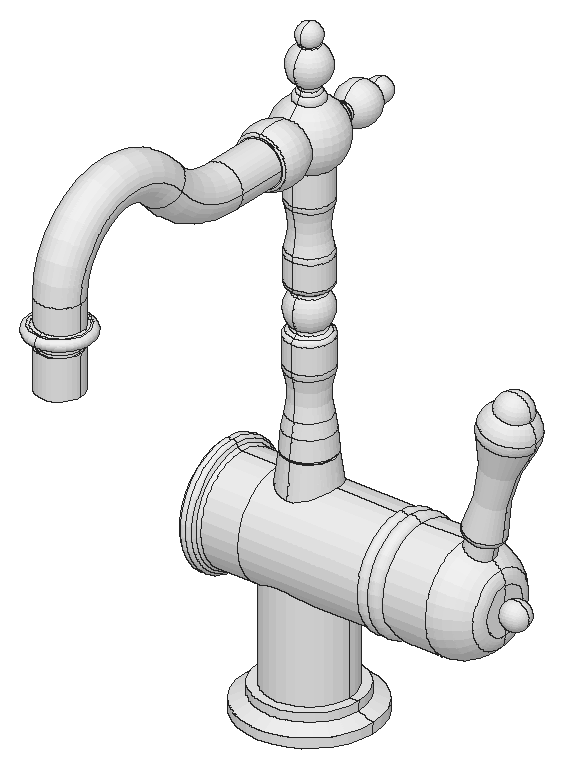
Revit family "Faucet_Bar-DXV-Victorian-D35402400_Series", category Plumbing Fixtures, Revit 2014
Parameters (values of type "D35402400.100")
  Width = 4 3/8"  # constant formula
  Waste Connection = no
  Warranty Documentation Link = "https://www.dxv.com/-/media/files/dxv/warranty/dxv_warranty_booklet.ashx"
  WFU = 2  # constant formula
  Vent Connection = no
  URL = "http://www.dxv.com/"
  Tempered Water Connection Diameter = 3/8"  # constant formula
  Tempered Water Connection = yes
  Revised Date = "27/09/2017"  # constant formula
  Product Page URL = "https://www.dxv.com/product/victorian-bar-faucet-by-dxv"
  Product Documentation Link = "https://dxv01.blob.core.windows.net/dxv-product-pdf-files/spec_D35402400_DXV_Victorian_bar_faucet_EN.pdf"
  Price = "Prices may vary. Please consult Manufacturer Representative for most up-to-date price list."  # constant formula
  Model = "D35402400.100"
  Material = "Metal-DXV-100-Polished Chrome"
  Manufacturer = "DXV"  # constant formula
  Length = 8 7/8"  # constant formula
  Installation Type = "Deck Mounted"  # constant formula
  Hot Water Connection Diameter = 3/8"  # constant formula
  Height = 12"  # constant formula
  HWFU = 1.5  # constant formula
  HW Connection = yes
  Flow Rate = "1.8 GPM (8.3L/min)"  # constant formula
  Finish = Metal-DXV-100-Polished Chrome
  Description = "Victorian™ Bar Faucet"  # constant formula
  Default Elevation = 0"
  Creation Date = "07/02/2014"  # constant formula
  Cold Water Connection Diameter = 3/8"  # constant formula
  CalGreen Compliant = yes
  CWFU = 1.5  # constant formula
  CW Connection = yes
  Assembly Code = "D2020300"
Types (4): name | Model | Material | Finish
  (no name) | "D35402400.100" | "Metal-DXV-100-Polished Chrome" | Metal-DXV-100-Polished Chrome
  D35402400.110 | "D35402400.110" | "Metal-DXV-110-Carbon Bronze" | Metal-DXV-110-Carbon Bronze
  D35402400.100 | "D35402400.100" | "Metal-DXV-100-Polished Chrome" | Metal-DXV-100-Polished Chrome
  D35402400.355 | "D35402400.355" | "Metal-DXV-355-Ultra Steel" | Metal-DXV-355-Ultra Steel
Reference planes (in)
  plane 1 "Center (Front/Back)": y = 0
  plane 2: z = 0
  plane 3 "Center (Left/Right)": x = 0
  plane 4: x = 3.875
  plane 5: y = -8.875
  plane 6: z = 2.75
  plane 7: z = 12
  plane 8: z = 8.625
  plane 9: y = 1.75
  plane 10: y = -1.125
  plane 11: y = 1.125
  plane 12: x = 1.125
  plane 13: x = -1.125
  plane 14: x = -2
  plane 15: x = 10
  plane 16: x = 10.875
  plane 17: x = 9.125
  plane 18: z = 5.25
  plane 19: through (0, -1.42705, 4.29647) normal (0, -0.2335, 0.9724)
  plane 20: z = 10.24995
  plane 21: z = 10.24995
  plane 22: y = -5.5
  plane 23: z = 7.46875
  plane 24: z = 9.0937
  plane 25: z = 7.25292
Forms (in)
  Revolve 1, solid, material "Metal-DXV-100-Polished Chrome" <- "Finish"
    sketch origin (0, 0, 1.2278) x (0, 1, 0) y (0, 0, 1)
      loop
        line (0, 2.04639) -> (0, 9.61596)
        arc (0, 9.61596) -> (-0.1791, 9.50066) -> (-0.14829, 9.2899) r 0.19675
        arc (-0.14829, 9.2899) -> (-0.14362, 9.27261) -> (-0.15437, 9.25829) r 0.02043
        arc (-0.15437, 9.25829) -> (-0.34209, 8.95154) -> (-0.1549, 8.64447) r 0.34497
        line (-0.1549, 8.64447) -> (-0.1549, 8.58796)
        arc (-0.1549, 8.58796) -> (-0.18173, 8.56795) -> (-0.19136, 8.5359) r 0.05334
        arc (-0.19136, 8.5359) -> (-0.23722, 8.48042) -> (-0.24279, 8.40866) r 0.11921
        arc (-0.24279, 8.40866) -> (-0.5899, 7.94062) -> (-0.37047, 7.40081) r 0.59457
        line (-0.37047, 7.40081) -> (-0.37047, 6.86731)
        arc (-0.37047, 6.86731) -> (-0.36675, 6.82096) -> (-0.3557, 6.7758) r 0.29074
        arc (-0.3557, 6.7758) -> (-0.29848, 6.42118) -> (-0.35584, 6.06659) r 1.12602
        arc (-0.35584, 6.06659) -> (-0.36687, 6.02162) -> (-0.37058, 5.97548) r 0.28914
        line (-0.37058, 5.97548) -> (-0.37058, 5.54873)
        arc (-0.37058, 5.54873) -> (-0.35974, 5.50806) -> (-0.3301, 5.47818) r 0.08173
        arc (-0.3301, 5.47818) -> (-0.30077, 5.4593) -> (-0.27316, 5.43798) r 0.40744
        arc (-0.27316, 5.43798) -> (-0.25795, 5.40751) -> (-0.26969, 5.37555) r 0.04297
        arc (-0.26969, 5.37555) -> (-0.37263, 5.1208) -> (-0.27421, 4.86426) r 0.37491
        arc (-0.27421, 4.86426) -> (-0.26332, 4.83454) -> (-0.2765, 4.80577) r 0.04159
        arc (-0.2765, 4.80577) -> (-0.30564, 4.78201) -> (-0.33769, 4.76237) r 0.28053
        arc (-0.33769, 4.76237) -> (-0.37235, 4.72977) -> (-0.38513, 4.68394) r 0.08855
        line (-0.38513, 4.68394) -> (-0.38513, 4.23591)
        arc (-0.38513, 4.23591) -> (-0.38102, 4.18685) -> (-0.3688, 4.13916) r 0.29469
        arc (-0.3688, 4.13916) -> (-0.30624, 3.80098) -> (-0.34749, 3.45954) r 1.13877
        arc (-0.34749, 3.45954) -> (-0.3754, 3.33761) -> (-0.39178, 3.21359) r 1.33554
        arc (-0.39178, 3.21359) -> (-0.40649, 3.0487) -> (-0.42271, 2.88394) r 18.13575
        line (-0.42271, 2.88394) -> (-0.3899, 2.88394) -> (-0.3899, 2.85011) -> (-0.42623, 2.85011)
        arc (-0.42623, 2.85011) -> (-0.47302, 2.44768) -> (-0.52878, 2.04639) r 18.13575
        line (-0.52878, 2.04639) -> (0, 2.04639)
      axis (0, 2.04639) -> (0, 9.61596)
    angle from 0 to 360
  Revolve 2, solid, material "Metal-DXV-100-Polished Chrome" <- "Finish"
    sketch origin (0, 0, 0) x (1, 0, 0) y (0, 0, 1)
      loop
        line (1.97793, 2.75) -> (-2, 2.75)
        arc (-2, 2.75) -> (-1.89112, 2.55616) -> (-1.66881, 2.55879) r 0.21788
        line (-1.66881, 2.55879) -> (-1.66881, 2.36331)
        arc (-1.66881, 2.36331) -> (-1.63372, 2.07745) -> (-1.5305, 1.80857) r 1.18163
        arc (-1.5305, 1.80857) -> (-1.51393, 1.79285) -> (-1.49124, 1.79026) r 0.03599
        arc (-1.49124, 1.79026) -> (-1.48331, 1.77066) -> (-1.47339, 1.75199) r 0.20307
        arc (-1.47339, 1.75199) -> (-1.43283, 1.7241) -> (-1.38517, 1.73644) r 0.05932
        arc (-1.38517, 1.73644) -> (-1.32981, 1.72932) -> (-1.28789, 1.76618) r 0.06776
        arc (-1.28789, 1.76618) -> (-1.27607, 1.79082) -> (-1.26317, 1.81492) r 0.61828
        arc (-1.26317, 1.81492) -> (-1.23514, 1.84338) -> (-1.19659, 1.85382) r 0.07645
        line (-1.19659, 1.85382) -> (-0.54268, 1.85382) -> (1.56177, 1.85382)
        arc (1.56177, 1.85382) -> (1.64911, 1.80669) -> (1.73645, 1.85382) r 0.10449
        arc (1.73645, 1.85382) -> (1.87695, 1.81241) -> (1.97793, 1.91852) r 0.14048
        line (1.97793, 1.91852) -> (1.97793, 2.75)
      loop
        line (3.45155, 2.35474) -> (3.45155, 2.62054)
        arc (3.45155, 2.62054) -> (3.71117, 2.5286) -> (3.875, 2.75) r 0.23151
        line (3.875, 2.75) -> (2.00975, 2.75) -> (2.00975, 1.85382) -> (2.75975, 1.85382)
        arc (2.75975, 1.85382) -> (3.09739, 1.92835) -> (3.37227, 2.13811) r 0.802
        arc (3.37227, 2.13811) -> (3.43111, 2.2394) -> (3.45155, 2.35474) r 0.33559
      axis (3.875, 2.75) -> (-2, 2.75)
    angle from 0 to 360
  Revolve 3, solid, material "Metal-DXV-100-Polished Chrome" <- "Finish"
    sketch origin (0, 0, 0) x (1, 0, 0) y (0, 0, 1)
      loop
        line (2.8725, 3.01446) -> (3.1759, 2.93881)
        arc (3.1759, 2.93881) -> (3.21869, 3.33215) -> (3.28114, 3.72284) r 7.89411
        arc (3.28114, 3.72284) -> (3.32057, 3.74441) -> (3.36295, 3.75936) r 0.27836
        arc (3.36295, 3.75936) -> (3.39794, 3.78227) -> (3.41221, 3.82158) r 0.06618
        arc (3.41221, 3.82158) -> (3.55799, 4.65595) -> (3.9384, 5.41272) r 2.90296
        arc (3.9384, 5.41272) -> (3.97995, 5.49343) -> (3.99816, 5.58236) r 0.33291
        arc (3.99816, 5.58236) -> (3.9763, 5.74248) -> (3.89359, 5.88132) r 0.40513
        arc (3.89359, 5.88132) -> (3.86527, 6.11199) -> (3.67967, 6.25185) r 0.29739
        line (3.67967, 6.25185) -> (2.8725, 3.01446)
      axis (3.67967, 6.25185) -> (2.8725, 3.01446)
    angle from 0 to 360
  Revolve 4, solid, material "Metal-DXV-100-Polished Chrome" <- "Finish"
    sketch origin (-0.207, 0, 0) x (1, 0, 0) y (0, 0, 1)
      loop
        line (0.207, 0) -> (0.207, 2.40143) -> (-0.50344, 2.40143) -> (-0.50344, 0.42053) -> (-0.66678, 0.42053) -> (-0.66678, 0.27326) -> (-0.918, 0.16141) -> (-0.918, 0) -> (0.207, 0)
      axis (0.207, 2.40143) -> (0.207, 0)
    angle from 0 to 360
  Extrusion 5, void
    sketch origin (-0.16065, 0, 0.27407) x (1, 0, 0) y (0, 0, 1)
      loop
        line (2.13858, 2.22466) -> (2.13858, 1.4645) -> (2.5259, 1.4645) -> (2.13858, 2.22466)
    from -1.02205 to 1.02819
  Revolve 6, solid, material "Metal-DXV-100-Polished Chrome" <- "Finish"
    sketch origin (-0.14426, 0, 0.27955) x (1, 0, 0) y (0, 0, 1)
      loop
        line (2.12219, 2.46687) -> (2.12219, 1.81126)
        arc (2.12219, 1.81126) -> (2.58577, 2.00329) -> (2.7778, 2.46687) r 0.6556
        line (2.7778, 2.46687) -> (2.12219, 2.46687)
      axis (2.7778, 2.46687) -> (2.12219, 2.46687)
    angle from 0 to 360
  Extrusion 7, solid, material "Metal-DXV-100-Polished Chrome" <- "Finish"
    sketch origin (0, 0, 0) x (1, 0, 0) y (0, 1, 0)
      loop
        circle (-0.33129, 0) r 0.1875
      loop
        circle (0.33129, 0) r 0.1875
    from -0.0461 to 0.16141
  Revolve 8, solid, material "Metal-DXV-100-Polished Chrome" <- "Finish"
    sketch origin (0, 3.375, 0.07155) x (0, 1, 0) y (0, 0, 1)
      loop
        line (-8.45365, 8.25) -> (-8.41068, 8.25)
        arc (-8.41068, 8.25) -> (-8.3256, 8.33508) -> (-8.41068, 8.42016) r 0.08508
        line (-8.41068, 8.42016) -> (-8.45365, 8.42016)
        arc (-8.45365, 8.42016) -> (-8.49872, 8.43882) -> (-8.51739, 8.48389) r 0.06373
        line (-8.51739, 8.48389) -> (-8.51739, 8.51559) -> (-8.59851, 8.51559) -> (-8.59851, 8.18627) -> (-8.51739, 8.18627)
        arc (-8.51739, 8.18627) -> (-8.49872, 8.23133) -> (-8.45365, 8.25) r 0.06373
      axis (-8.875, 8.51559) -> (-8.875, 8.18627)
    angle from 0 to 360
  Revolve 9, solid, material "Metal-DXV-100-Polished Chrome" <- "Finish"
    sketch origin (0, 0, 0.08327) x (0, 1, 0) y (0, 0, 1)
      loop
        line (1.75, 9.01043) -> (-1.09005, 9.01043) -> (-1.09005, 8.61136)
        arc (-1.09005, 8.61136) -> (-1.08279, 8.58615) -> (-1.06323, 8.56868) r 0.04737
        arc (-1.06323, 8.56868) -> (-0.62986, 8.52667) -> (-0.27239, 8.77523) r 0.63124
        line (-0.27239, 8.77523) -> (0.51706, 8.77523)
        arc (0.51706, 8.77523) -> (0.60237, 8.7663) -> (0.66998, 8.81908) r 0.11462
        arc (0.66998, 8.81908) -> (0.70079, 8.83048) -> (0.72204, 8.85553) r 0.06478
        line (0.72204, 8.85553) -> (0.77856, 8.85553)
        arc (0.77856, 8.85553) -> (1.08558, 8.66666) -> (1.39246, 8.85575) r 0.34377
        arc (1.39246, 8.85575) -> (1.40679, 8.86662) -> (1.42418, 8.86198) r 0.02047
        arc (1.42418, 8.86198) -> (1.63483, 8.8314) -> (1.75, 9.01043) r 0.19673
      axis (-1.09005, 9.01043) -> (1.75, 9.01043)
    angle from 0 to 360
  Sweep 10, solid, material "Metal-DXV-100-Polished Chrome" <- "Finish"
    path origin (0, 1.95893, 0.06374) x (0, 1, 0) y (0, 0, 1)
      loop
        line (-3.04897, 9.02996) -> (-3.89112, 9.02996)
        arc (-3.89112, 9.02996) -> (-4.63883, 9.19774) -> (-5.24317, 9.6689) r 1.75
        arc (-5.24317, 9.6689) -> (-6.63042, 10.05208) -> (-7.45893, 8.87529) r 1.25
        line (-7.45893, 8.87529) -> (-7.45893, 7.40501)
    profile origin (0, -5.5, 8.20389) x (1, 0, 0) y (0, 1, 0)
      loop
        circle (0, 0) r 0.375
  Extrusion 11, void
    sketch origin (0, 3.375, -1.15625) x (1, 0, 0) y (0, 1, 0)
      loop
        circle (0, -8.875) r 0.65344
      loop
        circle (0, -8.875) r 0.35096
    from 9.30479 to 9.36371
Cuts and joins
  Extrusion 5 cuts Revolve 2
  joined: Revolve 1, Revolve 2, Revolve 3, Revolve 4, Revolve 9
  Extrusion 11 cuts Sweep 10
Lines and regions (in)
  Masking region 1
    outline origin (0, 0, 0) x (1, 0, 0) y (0, 1, 0)
      loop
        arc (-0.375, -5.09592) -> (0, -6.05128) -> (0.375, -5.09592) r 0.55128
        line (0.375, -5.09592) -> (0.375, -1.09005)
        arc (0.375, -1.09005) -> (0.42861, -1.08215) -> (0.45165, -1.03311) r 0.05728
        arc (0.45165, -1.03311) -> (0.56913, -0.9677) -> (0.68204, -0.89468) r 2.03454
        line (0.68204, -0.89468) -> (1.56177, -0.89468)
        arc (1.56177, -0.89468) -> (1.64911, -0.9433) -> (1.73645, -0.89468) r 0.10276
        arc (1.73645, -0.89468) -> (1.87666, -0.93749) -> (1.97793, -0.83148) r 0.13972
        line (1.97793, -0.83148) -> (1.97793, -0.65349) -> (2.00975, -0.65349) -> (2.00975, -0.89618) -> (2.75975, -0.89618)
        arc (2.75975, -0.89618) -> (3.16097, -0.78203) -> (3.442, -0.47376) r 0.76217
        arc (3.442, -0.47376) -> (4.02239, -0.00453) -> (3.44478, 0.46812) r 0.48103
        arc (3.44478, 0.46812) -> (3.16364, 0.78037) -> (2.75975, 0.89618) r 0.76217
        line (2.75975, 0.89618) -> (2.00975, 0.89618) -> (2.00975, 0.65349) -> (1.97793, 0.65349) -> (1.97793, 0.83148)
        arc (1.97793, 0.83148) -> (1.87666, 0.93749) -> (1.73645, 0.89468) r 0.13972
        arc (1.73645, 0.89468) -> (1.64911, 0.9433) -> (1.56177, 0.89468) r 0.10276
        line (1.56177, 0.89468) -> (0.68204, 0.89468)
        arc (0.68204, 0.89468) -> (0.52141, 0.99688) -> (0.34584, 1.07052) r 1.125
        arc (0.34584, 1.07052) -> (0.30072, 1.26001) -> (0.16045, 1.39517) r 0.3463
        arc (0.16045, 1.39517) -> (0.1494, 1.4098) -> (0.15372, 1.42761) r 0.02142
        arc (0.15372, 1.42761) -> (-0.00107, 1.75) -> (-0.15377, 1.42768) r 0.19752
        arc (-0.15377, 1.42768) -> (-0.14939, 1.40984) -> (-0.16045, 1.39517) r 0.02142
        arc (-0.16045, 1.39517) -> (-0.30072, 1.26001) -> (-0.34584, 1.07052) r 0.3463
        arc (-0.34584, 1.07052) -> (-0.52141, 0.99688) -> (-0.68204, 0.89468) r 1.125
        line (-0.68204, 0.89468) -> (-1.18665, 0.89468)
        arc (-1.18665, 0.89468) -> (-1.24772, 0.92531) -> (-1.28655, 0.98152) r 0.13769
        arc (-1.28655, 0.98152) -> (-1.32809, 1.02145) -> (-1.38517, 1.01356) r 0.06604
        arc (-1.38517, 1.01356) -> (-1.4533, 1.01639) -> (-1.49124, 0.95974) r 0.0697
        arc (-1.49124, 0.95974) -> (-1.51398, 0.95451) -> (-1.53068, 0.9382) r 0.04317
        arc (-1.53068, 0.9382) -> (-1.63368, 0.68953) -> (-1.66881, 0.42266) r 1.03108
        line (-1.66881, 0.42266) -> (-1.66881, 0.19121)
        arc (-1.66881, 0.19121) -> (-2, 0) -> (-1.66881, -0.19121) r 0.22079
        line (-1.66881, -0.19121) -> (-1.66881, -0.42266)
        arc (-1.66881, -0.42266) -> (-1.63368, -0.68953) -> (-1.53068, -0.9382) r 1.03108
        arc (-1.53068, -0.9382) -> (-1.51398, -0.95451) -> (-1.49124, -0.95974) r 0.04317
        arc (-1.49124, -0.95974) -> (-1.4533, -1.01639) -> (-1.38517, -1.01356) r 0.0697
        arc (-1.38517, -1.01356) -> (-1.32809, -1.02145) -> (-1.28655, -0.98152) r 0.06604
        arc (-1.28655, -0.98152) -> (-1.24772, -0.92531) -> (-1.18665, -0.89468) r 0.13769
        line (-1.18665, -0.89468) -> (-0.68204, -0.89468)
        arc (-0.68204, -0.89468) -> (-0.56913, -0.9677) -> (-0.45165, -1.03311) r 2.03454
        arc (-0.45165, -1.03311) -> (-0.42861, -1.08215) -> (-0.375, -1.09005) r 0.05728
        line (-0.375, -1.09005) -> (-0.375, -5.09592)
  symbolic lines, detail levels medium+fine
    curve 1: arc (-0.45165, -1.03311, 0) -> (-0.50174, -0.73014, 0) -> (-0.3992, -0.44068, 0) r 0.61544
    curve 2: arc (-0.3992, -0.44068, 0) -> (-0.58833, 0.09242, 0) -> (-0.24486, 0.54186, 0) r 0.59348
    curve 3: arc (-0.24486, 0.54186, 0) -> (-0.23844, 0.61441, 0) -> (-0.19135, 0.66998, 0) r 0.12036
    curve 4: arc (-0.19135, 0.66998, 0) -> (-0.18015, 0.70093, 0) -> (-0.1549, 0.72204, 0) r 0.06312
    curve 5: line (-0.1549, 0.72204, 0) -> (-0.1549, 0.77856, 0)
    curve 6: arc (-0.1549, 0.77856, 0) -> (-0.28963, 0.89887, 0) -> (-0.34584, 1.07052, 0) r 0.34772
    curve 7: arc (0.45165, -1.03311, 0) -> (0.50174, -0.73014, 0) -> (0.3992, -0.44068, 0) r 0.61544
    curve 8: arc (0.3992, -0.44068, 0) -> (0.58833, 0.09242, 0) -> (0.24486, 0.54186, 0) r 0.59348
    curve 9: arc (0.24486, 0.54186, 0) -> (0.23844, 0.61441, 0) -> (0.19135, 0.66998, 0) r 0.12036
    curve 10: arc (0.19135, 0.66998, 0) -> (0.18015, 0.70093, 0) -> (0.1549, 0.72204, 0) r 0.06312
    curve 11: line (0.1549, 0.72204, 0) -> (0.1549, 0.77856, 0)
    curve 12: arc (0.1549, 0.77856, 0) -> (0.28963, 0.89887, 0) -> (0.34584, 1.07052, 0) r 0.34772
    curve 13: arc (3.44478, 0.46812, 0) -> (3.29746, 0.4177, 0) -> (3.17663, 0.31948, 0) r 0.44377
    curve 14: arc (3.44478, -0.46812, 0) -> (3.29746, -0.4177, 0) -> (3.17663, -0.31948, 0) r 0.44377
    curve 15: arc (3.17663, 0.31948, 0) -> (2.76586, 0, 0) -> (3.17663, -0.31948, 0) r 0.32963
    curve 16: line (2.00975, 0.65349, 0) -> (2.00975, -0.65349, 0)
    curve 17: line (1.97793, -0.6556, 0) -> (1.97793, 0.65349, 0)
    curve 18: line (-0.68204, 0.89468, 0) -> (-0.28685, 0.89468, 0)
    curve 19: line (0.68204, 0.89468, 0) -> (0.28685, 0.89468, 0)
    curve 20: line (0.68204, -0.89468, 0) -> (0.49418, -0.89468, 0)
    curve 21: line (-0.68204, -0.89468, 0) -> (-0.49418, -0.89468, 0)
  symbolic lines, detail levels fine
    curve 22: line (-1.66881, -0.19121, 0) -> (-1.66881, 0.19121, 0)
    curve 23: line (-1.49124, -0.95974, 0) -> (-1.49124, 0.95974, 0)
    curve 24: line (-1.38517, -1.01356, 0) -> (-1.38517, 1.01356, 0)
    curve 25: line (1.56177, 0.89468, 0) -> (1.56177, -0.89468, 0)
    curve 26: line (1.73645, -0.89618, 0) -> (1.73645, 0.89468, 0)
    curve 27: line (-0.375, -1.09005, 0) -> (0.375, -1.09005, 0)
    curve 28: line (-0.1549, 0.77856, 0) -> (0.1549, 0.77856, 0)
    curve 29: line (-0.1549, 0.72204, 0) -> (0.1549, 0.72204, 0)
    curve 30: line (-0.19135, 0.66998, 0) -> (0.19135, 0.66998, 0)
    curve 31: line (-0.24486, 0.54186, 0) -> (0.24486, 0.54186, 0)
    curve 32: line (-0.3992, -0.44068, 0) -> (0.3992, -0.44068, 0)
    curve 33: circle (0, 0, 0) r 0.24279 normal (0, 0, 1)
    curve 34: circle (0, 0, 0) r 0.1549 normal (0, 0, 1)
    curve 35: circle (0, 0, 0) r 0.37047 normal (0, 0, 1)
    curve 36: circle (3.64524, 0, 0) r 0.23297 normal (0, 0, -1)
    curve 37: circle (3.60146, -0.00229, 0) r 0.29215 normal (0, 0, -1)
    curve 38: arc (3.17663, 0.31948, 0) -> (3.05446, 0, 0) -> (3.17663, -0.31948, 0) r 0.47882
    curve 39: line (-0.375, -5.09592, 0) -> (-0.375, -5.5, 0)
    curve 40: arc (-0.375, -5.5, 0) -> (0, -5.875, 0) -> (0.375, -5.5, 0) r 0.375
    curve 41: line (0.375, -5.5, 0) -> (0.375, -5.09592, 0)
Dimensions and locks (in)
  plane 6 to plane 2 = 2 3/4"
  "Length": plane 1 "Center (Front/Back)" to plane 5
  plane 9 to plane 1 "Center (Front/Back)" = 1 3/4"
  plane 8 to plane 2 = 8 5/8"
  "Height": plane 7 to plane 2
  plane 11 to plane 10 = 2 1/4"
  plane 4 to plane 3 "Center (Left/Right)" = 3 7/8"
  plane 3 "Center (Left/Right)" to plane 14 = 2"
  plane 4 to plane 14 = 5 7/8"
  plane 16 to plane 17 = 1 3/4"
  plane 18 to plane 2 = 5 1/4"
  plane 3 "Center (Left/Right)" to plane 15 = 10"
  plane 1 "Center (Front/Back)" to plane 22 = 5 1/2"
  plane 23 to level = 7 15/32"
Automatic sketch dimensions
  Revolve 2 sketch curve to plane 6 = 0"  (x3)
  Revolve 2 sketch curve to plane 14 = 0"  (x2)
  Revolve 2 sketch curve to plane 4 = 0"
  Revolve 2 sketch curve to plane 6 = 0.00515"
  plane 14 to Revolve 2 sketch curve = 0.21782"
  plane 14 to Revolve 2 sketch curve = 0.33119"
  Revolve 2 sketch curve to plane 13 = 0.37372"
  Revolve 2 sketch curve to Revolve 2 sketch curve = 0.07619"
  Revolve 2 sketch curve to Revolve 2 sketch curve = 0.07291"
  Revolve 2 sketch curve to Revolve 2 sketch curve = 0.05034"
  Revolve 2 sketch curve to plane 13 = 0.07159"
  plane 13 to Revolve 2 sketch curve = 0.40038"
  Revolve 2 sketch curve to Revolve 2 sketch curve = 0.18193"
  Revolve 2 sketch curve to plane 3 "Center (Left/Right)" = 0.48718"
  Revolve 2 sketch curve to plane 12 = 0.43677"
  Revolve 2 sketch curve to Revolve 2 sketch curve = 0.08734"
  Revolve 2 sketch curve to Revolve 2 sketch curve = 0.19149"
  Revolve 2 sketch curve to Revolve 2 sketch curve = 0.13734"
  Revolve 2 sketch curve to Revolve 2 sketch curve = 0.03182"
  Revolve 2 sketch curve to Revolve 2 sketch curve = 3/4"
  Revolve 2 sketch curve to Revolve 2 sketch curve = 0.35622"
  Revolve 2 sketch curve to plane 6 = 0.12946"
  Revolve 2 sketch curve to plane 4 = 0.42345"
  Revolve 2 sketch curve to plane 6 = 0.38669"
  Revolve 2 sketch curve to Revolve 2 sketch curve = 0.2658"
  Revolve 2 sketch curve to plane 6 = 0.8019"
  Revolve 2 sketch curve to Revolve 2 sketch curve = 0.02958"
  Revolve 2 sketch curve to Revolve 2 sketch curve = 0.03692"
  Revolve 2 sketch curve to Revolve 2 sketch curve = 0.50683"
  Revolve 2 sketch curve to Revolve 2 sketch curve = 0.0647"
  Revolve 2 sketch curve to Revolve 2 sketch curve = 0.50949"
  Revolve 2 sketch curve to Revolve 2 sketch curve = 0.03101"
  Revolve 2 sketch curve to Revolve 2 sketch curve = 0.06236"
  Revolve 2 sketch curve to Revolve 2 sketch curve = 0.0116"
  Revolve 2 sketch curve to Revolve 2 sketch curve = 0.07645"
  Revolve 2 sketch curve to Revolve 2 sketch curve = 0.34258"
  Revolve 2 sketch curve to plane 6 = 0.09418"
  Revolve 2 sketch curve to Revolve 2 sketch curve = 1/4"
  Revolve 2 sketch curve to Revolve 2 sketch curve = 0"  (x3)
  Revolve 2 sketch curve to Revolve 2 sketch curve = 0.00748"
  Revolve 2 sketch curve to Revolve 2 sketch curve = 0.03736"
  plane 6 to Revolve 3 sketch curve = 0.26446"
  Revolve 3 sketch curve to plane 4 = 1.0025"
  plane 6 to Revolve 3 sketch curve = 0.18881"
  Revolve 3 sketch curve to Revolve 3 sketch curve = 0.3034"
  Revolve 3 sketch curve to plane 4 = 0.52894"
  Revolve 3 sketch curve to Revolve 3 sketch curve = 0.08797"
  Revolve 3 sketch curve to plane 4 = 0.28111"
  Revolve 3 sketch curve to plane 4 = 0.26728"
  Revolve 3 sketch curve to Revolve 3 sketch curve = 0.07206"
  Revolve 3 sketch curve to plane 4 = 25/128"
  plane 6 to Revolve 3 sketch curve = 0.99448"
  plane 4 to Revolve 3 sketch curve = 2.43915"
  Revolve 3 sketch curve to plane 16 = 0.16762"
  Revolve 3 sketch curve to plane 6 = 0.46814"
  Revolve 3 sketch curve to Revolve 3 sketch curve = 0.55141"
  Revolve 3 sketch curve to Revolve 3 sketch curve = 0.33312"
  plane 18 to Revolve 3 sketch curve = 0.35403"
  Revolve 3 sketch curve to Revolve 3 sketch curve = 0.0047"
  Revolve 3 sketch curve to Revolve 3 sketch curve = 0.28856"
  Revolve 3 sketch curve to Revolve 3 sketch curve = 0.1454"
  Revolve 3 sketch curve to Revolve 3 sketch curve = 0.07543"
  Revolve 3 sketch curve to Revolve 3 sketch curve = 0.06491"
  Revolve 3 sketch curve to Revolve 3 sketch curve = 0"  (x3)
  plane 4 to Revolve 3 sketch curve = 0.01859"
  Revolve 3 sketch curve to Revolve 3 sketch curve = 0.50728"
  Revolve 3 sketch curve to Revolve 3 sketch curve = 0.30253"
  Revolve 4 sketch curve to plane 13 = 0"
  Revolve 4 sketch curve to plane 3 "Center (Left/Right)" = 0"  (x2)
  Revolve 4 sketch curve to level = 0"  (x2)
  plane 13 to Revolve 4 sketch curve = 0.25122"
  Revolve 4 sketch curve to Revolve 4 sketch curve = 0.16335"
  Revolve 4 sketch curve to Revolve 4 sketch curve = 0.16141"
  level to Revolve 4 sketch curve = 0.27326"
  Revolve 4 sketch curve to Revolve 4 sketch curve = 0.14727"
  Revolve 4 sketch curve to plane 6 = 0.34857"
  Revolve 4 sketch curve to level = 1/4"
  Extrusion 5 sketch curve to plane 12 = 0.85293"
  Extrusion 5 sketch curve to Extrusion 5 sketch curve = 0.38732"
  Extrusion 5 sketch curve to plane 6 = 1.01143"
  Extrusion 5 sketch curve to plane 6 = 0.25126"
  Revolve 6 sketch curve to plane 12 = 0.85293"
  Revolve 6 sketch curve to plane 6 = 0.00359"  (x2)
  Revolve 6 sketch curve to Revolve 6 sketch curve = 0.6556"
  Revolve 6 sketch curve to Revolve 6 sketch curve = 1/4"
  Revolve 6 sketch curve to Revolve 6 sketch curve = 0"
  plane 1 "Center (Front/Back)" to Extrusion 7 sketch curve = 0"  (x2)
  Extrusion 7 sketch curve to plane 3 "Center (Left/Right)" = 0.33129"
  plane 3 "Center (Left/Right)" to Extrusion 7 sketch curve = 0.33129"
  Masking region 1 sketch curve to Masking region 1 sketch curve = 0"  (x10)
  plane 1 "Center (Front/Back)" to Masking region 1 sketch curve = 0"  (x2)
  Masking region 1 sketch curve to plane 3 "Center (Left/Right)" = 0"  (x3)
  Masking region 1 sketch curve to plane 5 = 3 3/8"
  Masking region 1 sketch curve to plane 3 "Center (Left/Right)" = 0.00068"
  Masking region 1 sketch curve to plane 3 "Center (Left/Right)" = 0.17037"
  plane 10 to Masking region 1 sketch curve = 0.03495"  (x2)
  Masking region 1 sketch curve to plane 3 "Center (Left/Right)" = 3/8"
  Masking region 1 sketch curve to Masking region 1 sketch curve = 0.01946"  (x2)
  Masking region 1 sketch curve to plane 3 "Center (Left/Right)" = 0.47873"
  Masking region 1 sketch curve to Masking region 1 sketch curve = 0.159"
  plane 13 to Masking region 1 sketch curve = 0.48727"
  Masking region 1 sketch curve to Masking region 1 sketch curve = 0.20331"  (x2)
  plane 10 to Masking region 1 sketch curve = 0.23032"  (x2)
  Masking region 1 sketch curve to Masking region 1 sketch curve = 0.28758"  (x2)
  Masking region 1 sketch curve to plane 13 = 0.03239"  (x2)
  Masking region 1 sketch curve to plane 13 = 0.06165"  (x2)
  Masking region 1 sketch curve to Masking region 1 sketch curve = 0.16185"  (x2)
  Masking region 1 sketch curve to Masking region 1 sketch curve = 0.07326"  (x2)
  Masking region 1 sketch curve to Masking region 1 sketch curve = 0.07153"  (x2)
  plane 14 to Masking region 1 sketch curve = 0.33119"  (x2)
  Masking region 1 sketch curve to plane 1 "Center (Front/Back)" = 0.19121"
  plane 14 to Masking region 1 sketch curve = 0.22079"
  plane 3 "Center (Left/Right)" to Masking region 1 sketch curve = 0.17037"
  plane 3 "Center (Left/Right)" to Masking region 1 sketch curve = 3/8"
  plane 3 "Center (Left/Right)" to Masking region 1 sketch curve = 0.47873"
  Masking region 1 sketch curve to plane 12 = 0.43677"  (x2)
  Masking region 1 sketch curve to Masking region 1 sketch curve = 0.08734"  (x2)
  Masking region 1 sketch curve to Masking region 1 sketch curve = 0.19218"  (x2)
  Masking region 1 sketch curve to Masking region 1 sketch curve = 0.13664"  (x2)
  Masking region 1 sketch curve to Masking region 1 sketch curve = 0.03182"  (x2)
  plane 10 to Masking region 1 sketch curve = 0.22882"
  Masking region 1 sketch curve to Masking region 1 sketch curve = 3/4"
  plane 1 "Center (Front/Back)" to Masking region 1 sketch curve = 0.00311"
  Masking region 1 sketch curve to plane 4 = 0.33364"
  Masking region 1 sketch curve to plane 5 = 3.77908"
  Masking region 1 sketch curve to Masking region 1 sketch curve = 0.05387"  (x2)
  plane 10 to Masking region 1 sketch curve = 0.09578"
  plane 10 to Masking region 1 sketch curve = 0.16636"
  Masking region 1 sketch curve to Masking region 1 sketch curve = 0.0044"  (x2)
  Masking region 1 sketch curve to Masking region 1 sketch curve = 0.03762"  (x2)
  Masking region 1 sketch curve to Masking region 1 sketch curve = 0.05414"  (x2)
  Masking region 1 sketch curve to Masking region 1 sketch curve = 0.0647"  (x2)
  Masking region 1 sketch curve to Masking region 1 sketch curve = 0.02916"  (x2)
  Masking region 1 sketch curve to Masking region 1 sketch curve = 0.17798"
  Masking region 1 sketch curve to Masking region 1 sketch curve = 0.23145"  (x2)
  plane 1 "Center (Front/Back)" to Masking region 1 sketch curve = 0.13401"
  Masking region 1 sketch curve to plane 1 "Center (Front/Back)" = 0.13401"
  plane 11 to Masking region 1 sketch curve = 0.47151"
  plane 11 to Masking region 1 sketch curve = 0.34876"  (x2)
  Masking region 1 sketch curve to Masking region 1 sketch curve = 0.14883"
  Masking region 1 sketch curve to Masking region 1 sketch curve = 0.03821"
  plane 11 to Masking region 1 sketch curve = 0.23032"
  plane 11 to Masking region 1 sketch curve = 0.20838"
  plane 11 to Masking region 1 sketch curve = 0.09578"
  plane 11 to Masking region 1 sketch curve = 0.03671"
  Masking region 1 sketch curve to plane 11 = 0.28915"  (x2)
  plane 9 to Masking region 1 sketch curve = 0.19752"
  Masking region 1 sketch curve to Masking region 1 sketch curve = 0.0166"
  Masking region 1 sketch curve to Masking region 1 sketch curve = 0.03667"  (x2)
  Masking region 1 sketch curve to Masking region 1 sketch curve = 0.00205"  (x2)
  Masking region 1 sketch curve to Masking region 1 sketch curve = 0.01748"
  Masking region 1 sketch curve to Masking region 1 sketch curve = 0.00083"
  Masking region 1 sketch curve to Masking region 1 sketch curve = 0.00992"
  Masking region 1 sketch curve to plane 4 = 0.433"
  Revolve 8 sketch curve to plane 22 = 0"
  Revolve 8 sketch curve to plane 22 = 0.27649"
  Revolve 8 sketch curve to Revolve 8 sketch curve = 0.08113"  (x2)
  Revolve 8 sketch curve to Revolve 8 sketch curve = 0.06373"  (x2)
  Revolve 8 sketch curve to Revolve 8 sketch curve = 11/256"
  Revolve 8 sketch curve to plane 8 = 47/128"
  Revolve 8 sketch curve to Revolve 8 sketch curve = 0.08508"
  Revolve 8 sketch curve to Revolve 8 sketch curve = 0.03169"
  plane 23 to Revolve 8 sketch curve = 0.14571"
  plane 23 to Revolve 8 sketch curve = 0.06279"
  Revolve 9 sketch curve to plane 9 = 0"  (x2)
  plane 9 to Revolve 9 sketch curve = 0.19673"
  Revolve 9 sketch curve to Revolve 9 sketch curve = 0.14253"
  plane 11 to Revolve 9 sketch curve = 0.03954"
  Revolve 9 sketch curve to Revolve 9 sketch curve = 0.30689"
  Revolve 9 sketch curve to Revolve 9 sketch curve = 0.05652"
  Revolve 9 sketch curve to Revolve 9 sketch curve = 0.05841"
  Revolve 9 sketch curve to Revolve 9 sketch curve = 0.09286"
  Revolve 9 sketch curve to Revolve 9 sketch curve = 0.05371"
  plane 1 "Center (Front/Back)" to Revolve 9 sketch curve = 0.27239"
  plane 10 to Revolve 9 sketch curve = 0.33562"
  plane 10 to Revolve 9 sketch curve = 0.08233"
  plane 10 to Revolve 9 sketch curve = 0.03495"
  plane 8 to Revolve 9 sketch curve = 0.06963"
  plane 8 to Revolve 9 sketch curve = 0.2335"
  plane 8 to Revolve 9 sketch curve = 0.30481"
  Revolve 9 sketch curve to Revolve 9 sketch curve = 0.0803"
  Revolve 9 sketch curve to Revolve 9 sketch curve = 0.10126"
  Revolve 9 sketch curve to Revolve 9 sketch curve = 0.02801"
  Revolve 9 sketch curve to Revolve 9 sketch curve = 0.1549"
  Revolve 9 sketch curve to Revolve 9 sketch curve = 0.39907"
  Revolve 9 sketch curve to Revolve 9 sketch curve = 0.127"
  Revolve 9 sketch curve to Revolve 9 sketch curve = 0"  (x2)
  Revolve 9 sketch curve to Revolve 9 sketch curve = 0.10572"
  Sweep 10 sketch curve to plane 22 = 0"
  Sweep 10 sketch curve to plane 23 = 0"
  plane 8 to Sweep 10 sketch curve = 0.31403"
  Sweep 10 sketch curve to plane 22 = 1 1/4"
  Sweep 10 sketch curve to plane 10 = 0.80719"
  plane 8 to Sweep 10 sketch curve = 0.4687"
  plane 21 to Sweep 10 sketch curve = 19/32"
  plane 10 to Sweep 10 sketch curve = 0.03495"
  profile plane to Sweep 10 sketch curve = 0"
  Sweep 10 sketch curve to profile plane = 0"
  Extrusion 11 sketch curve to Extrusion 11 sketch curve = 0"  (x2)
  Extrusion 11 sketch curve to plane 3 "Center (Left/Right)" = 0"
  plane 22 to Extrusion 11 sketch curve = 0"
  plane 24 to Revolve 1 sketch curve = 0"
  Revolve 1 sketch curve to plane 1 "Center (Front/Back)" = 0"  (x2)
  plane 1 "Center (Front/Back)" to Revolve 1 sketch curve = 0.00004"
  plane 1 "Center (Front/Back)" to Revolve 1 sketch curve = 0.07973"
  plane 1 "Center (Front/Back)" to Revolve 1 sketch curve = 0.08144"
  plane 1 "Center (Front/Back)" to Revolve 1 sketch curve = 0.09044"
  plane 1 "Center (Front/Back)" to Revolve 1 sketch curve = 0.1267"
  Revolve 1 sketch curve to Revolve 1 sketch curve = 0.01135"
  Revolve 1 sketch curve to Revolve 1 sketch curve = 0.01686"
  plane 1 "Center (Front/Back)" to Revolve 1 sketch curve = 0.16369"
  plane 1 "Center (Front/Back)" to Revolve 1 sketch curve = 0.28885"
  plane 1 "Center (Front/Back)" to Revolve 1 sketch curve = 0.29658"
  Revolve 1 sketch curve to Revolve 1 sketch curve = 0.01201"
  Revolve 1 sketch curve to Revolve 1 sketch curve = 0.0083"
  plane 8 to Revolve 1 sketch curve = 0.00362"
  plane 1 "Center (Front/Back)" to Revolve 1 sketch curve = 0.37047"
  Revolve 1 sketch curve to Revolve 1 sketch curve = 0.08173"
  Revolve 1 sketch curve to Revolve 1 sketch curve = 0.29469"
  plane 1 "Center (Front/Back)" to Revolve 1 sketch curve = 0.3899"
  Revolve 1 sketch curve to Revolve 1 sketch curve = 0.16304"
  plane 1 "Center (Front/Back)" to Revolve 1 sketch curve = 0.52878"
  Revolve 1 sketch curve to Revolve 1 sketch curve = 0.06783"
  Revolve 1 sketch curve to plane 10 = 0.2995"
  Revolve 1 sketch curve to plane 10 = 0.31945"
  plane 18 to Revolve 1 sketch curve = 0.72096"
  Revolve 1 sketch curve to plane 1 "Center (Front/Back)" = 0.00227"
  Revolve 1 sketch curve to plane 1 "Center (Front/Back)" = 0.00287"
  plane 11 to Revolve 1 sketch curve = 0.186"
  plane 18 to Revolve 1 sketch curve = 0.66175"
  plane 18 to Revolve 1 sketch curve = 0.21371"
  Revolve 1 sketch curve to plane 18 = 0.2569"
  Revolve 1 sketch curve to plane 18 = 0.92124"
  Revolve 1 sketch curve to plane 18 = 1.13825"
  plane 6 to Revolve 1 sketch curve = 0.5242"
  Revolve 1 sketch curve to Revolve 1 sketch curve = 0.15223"
  Revolve 1 sketch curve to Revolve 1 sketch curve = 0.17466"
  Revolve 1 sketch curve to Revolve 1 sketch curve = 0.28131"
  Revolve 1 sketch curve to Revolve 1 sketch curve = 0.11561"
  Revolve 1 sketch curve to Revolve 1 sketch curve = 0.27868"
  Revolve 1 sketch curve to Revolve 1 sketch curve = 0.1436"
  Revolve 1 sketch curve to plane 25 = 0.04964"
  plane 23 to Revolve 1 sketch curve = 0.18047"
  Revolve 1 sketch curve to plane 8 = 0.52989"
  Revolve 1 sketch curve to plane 24 = 0.56986"
  Revolve 1 sketch curve to Revolve 1 sketch curve = 0.1016"
  Revolve 1 sketch curve to Revolve 1 sketch curve = 0.05061"
  Revolve 1 sketch curve to Revolve 1 sketch curve = 0.05651"
  plane 20 to Revolve 1 sketch curve = 0.0709"
  Revolve 1 sketch curve to plane 20 = 0.25433"
  Revolve 1 sketch curve to Revolve 1 sketch curve = 0.14274"
  Revolve 1 sketch curve to Revolve 1 sketch curve = 0.0154"
  Revolve 1 sketch curve to Revolve 1 sketch curve = 0"  (x9)
  Revolve 1 sketch curve to Revolve 1 sketch curve = 0.05332"
  Revolve 1 sketch curve to Revolve 1 sketch curve = 0.03117"
  Revolve 1 sketch curve to Revolve 1 sketch curve = 0.04428"
  Revolve 1 sketch curve to Revolve 1 sketch curve = 0.00352"
  Revolve 1 sketch curve to Revolve 1 sketch curve = 0.03384"
  Revolve 1 sketch curve to Revolve 1 sketch curve = 0.0222"
  Revolve 1 sketch curve to Revolve 1 sketch curve = 0.15107"
  Revolve 1 sketch curve to Revolve 1 sketch curve = 0.00188"
  curve 33 to curve 34 = 0"  (x2)
  curve 33 to curve 35 = 0"  (x2)
  curve 34 to curve 35 = 0"  (x2)
  plane 22 to curve 40 = 0"
  plane 1 "Center (Front/Back)" to curve 35 = 0"
  curve 35 to plane 3 "Center (Left/Right)" = 0"
  curve 40 to plane 3 "Center (Left/Right)" = 0"
  plane 1 "Center (Front/Back)" to curve 15 = 0"
  plane 1 "Center (Front/Back)" to curve 38 = 0"
  plane 1 "Center (Front/Back)" to curve 36 = 0"
  curve 12 to plane 3 "Center (Left/Right)" = 0.00138"
  curve 2 to plane 1 "Center (Front/Back)" = 0.00032"
  curve 2 to plane 3 "Center (Left/Right)" = 0.00204"
  curve 7 to plane 3 "Center (Left/Right)" = 0.11131"
  curve 3 to plane 3 "Center (Left/Right)" = 0.12737"
  curve 4 to curve 3 = 0.00108"
  curve 28 to curve 4 = 0.02644"
  curve 30 to curve 4 = 0.0629"
  curve 31 to curve 3 = 0.11748"
  curve 39 to plane 3 "Center (Left/Right)" = 3/8"
  curve 32 to plane 3 "Center (Left/Right)" = 0.3992"
  plane 3 "Center (Left/Right)" to curve 6 = 0.00138"
  curve 8 to plane 1 "Center (Front/Back)" = 0.00032"
  plane 3 "Center (Left/Right)" to curve 8 = 0.00204"
  plane 3 "Center (Left/Right)" to curve 1 = 0.11131"
  plane 3 "Center (Left/Right)" to curve 9 = 0.12737"
  curve 9 to curve 10 = 0.00108"
  curve 10 to curve 29 = 0.02644"
  curve 10 to curve 30 = 0.0629"
  curve 9 to curve 31 = 0.11748"
  curve 15 to plane 4 = 0.77952"
  curve 13 to plane 1 "Center (Front/Back)" = 0.02956"
  curve 13 to plane 4 = 0.36239"
  curve 14 to curve 13 = 0"
  curve 13 to curve 38 = 0.02066"
  plane 1 "Center (Front/Back)" to curve 37 = 0.00229"
  curve 38 to curve 37 = 0.06818"
  curve 37 to curve 36 = 0.04379"
  plane 10 to curve 7 = 0.34058"
  curve 7 to curve 1 = 0"
  plane 1 "Center (Front/Back)" to curve 32 = 0.44068"
  plane 1 "Center (Front/Back)" to curve 14 = 0.02956"
  curve 3 to curve 3 = 0.02617"
  curve 10 to curve 30 = 0.00525"
  curve 5 to curve 28 = 0.05652"
  plane 11 to curve 12 = 0.03581"
  curve 12 to curve 6 = 0"
  curve 18 to curve 6 = 0.13195"
  plane 11 to curve 6 = 0.05448"
  plane 10 to curve 27 = 0.03495"
  curve 27 to plane 3 "Center (Left/Right)" = 3/8"
  plane 10 to curve 1 = 0.09189"
  curve 21 to curve 1 = 0.04253"
  curve 21 to curve 21 = 0.18786"
  curve 18 to curve 6 = 0.3362"
  plane 11 to curve 24 = 0.11144"
  curve 24 to plane 13 = 0.26017"
  curve 23 to curve 24 = 0.10607"
  plane 14 to curve 22 = 0.33119"
  curve 12 to curve 19 = 0.13195"
  plane 11 to curve 12 = 0.05448"
  plane 3 "Center (Left/Right)" to curve 27 = 3/8"
  plane 10 to curve 7 = 0.09189"
  curve 7 to curve 20 = 0.04253"
  curve 20 to curve 20 = 0.18786"
  curve 12 to curve 19 = 0.3362"
  curve 25 to plane 12 = 0.43677"
  curve 25 to curve 26 = 0.17468"
  curve 26 to curve 17 = 0.24148"
  curve 17 to curve 16 = 0.03182"
  curve 15 to curve 15 = 0.08115"
  curve 38 to curve 13 = 0.26816"
  curve 14 to curve 14 = 0.26816"
  curve 39 to plane 22 = 0.40408"
  curve 41 to plane 22 = 0.40408"
  plane 10 to curve 24 = 0.11144"
  curve 24 to curve 23 = 0.05382"
  plane 10 to curve 26 = 0.22882"
  curve 26 to curve 25 = 0.0015"
  curve 26 to curve 17 = 0.24058"
  curve 17 to curve 16 = 0.00211"
  curve 14 to curve 14 = 0.43856"
  plane 1 "Center (Front/Back)" to curve 22 = 0.19121"
  curve 22 to plane 1 "Center (Front/Back)" = 0.19121"
  plane 11 to curve 16 = 0.47151"
  curve 17 to curve 16 = 0"
  plane 11 to curve 25 = 0.23032"
  curve 25 to curve 26 = 0"
  curve 23 to curve 24 = 0.05382"
  radius of Extrusion 7 sketch curve = 3/16"  (x2)
  radius of Sweep 10 sketch curve = 3/8"
  radius of Extrusion 11 sketch curve = 0.65344"
  radius of Extrusion 11 sketch curve = 0.35096"
  radius of curve 33 = 0.24279"
  radius of curve 34 = 0.1549"
  radius of curve 35 = 0.37047"
  radius of curve 36 = 0.23297"
  radius of curve 37 = 0.29215"
Connectors (in)
  piping at (-0.33129, 0, -0.0461), diameter 0.375, driven by "HWFU"
    settings: on Extrusion 7, index 1, connector inside diameter 24", connector length 0", flow factor 0, pipe flow 0 GPM, pressure drop 0.00 psi, fitting loss kfactor 0, connector angle 0.00°, fixture units 1.5, engagement length 0", angle of deflection 0.00°, flow configuration 3, flow direction 1, fitting loss method 0, system type 19, joint type 0, gender type 0, connector reference index -1, connector utility 0, adjustable connector no, is connector primary yes, connector description "3/8\" HW Inlet Connection"
  piping at (0.33129, 0, -0.0461), diameter 0.375, driven by "Cold Water Connection Diameter", driven by "CWFU"
    settings: on Extrusion 7, index 2, connector inside diameter 24", connector length 0", flow factor 0, pipe flow 0 GPM, pressure drop 0.00 psi, fitting loss kfactor 0, connector angle 0.00°, fixture units 1.5, engagement length 0", angle of deflection 0.00°, flow configuration 3, flow direction 1, fitting loss method 0, system type 20, joint type 0, gender type 0, connector reference index -1, connector utility 0, adjustable connector no, is connector primary no, connector description "3/8\" CW Inlet Connection"
  piping at (-0.33129, 0, -0.0461), diameter 0.375, driven by "Tempered Water Connection Diameter", driven by "HWFU"
    settings: on Extrusion 7, index 3, connector inside diameter 24", connector length 0", flow factor 0, pipe flow 1.8 GPM, pressure drop 0.00 psi, fitting loss kfactor 0, connector angle 0.00°, fixture units 1.5, engagement length 0", angle of deflection 0.00°, flow configuration 3, flow direction 1, fitting loss method 0, system type 19, joint type 0, gender type 0, connector reference index -1, connector utility 0, adjustable connector no, is connector primary no, connector description "3/8\" HW Inlet Connection"
